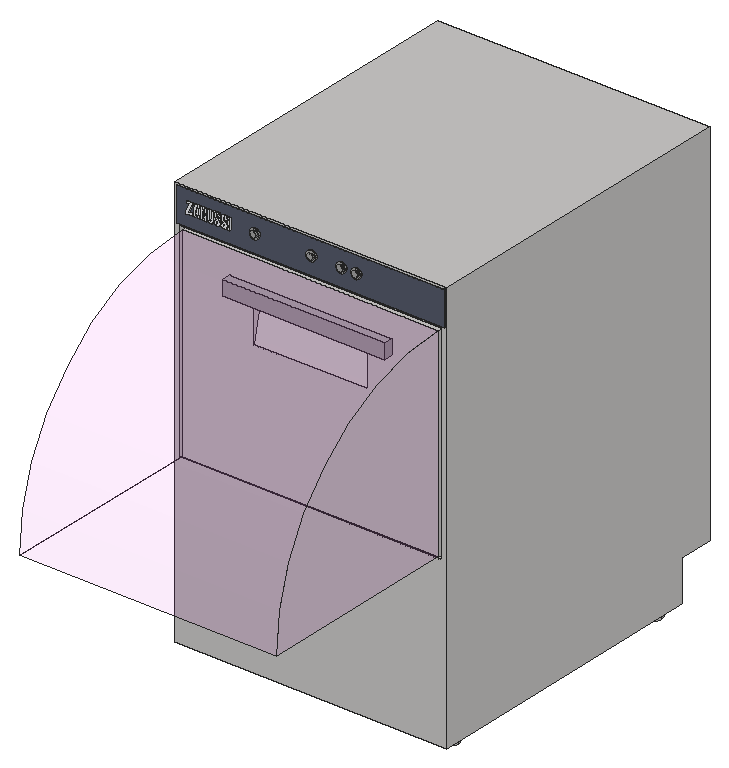
Revit family "QF_ZANUSSI_402297_ZSG6", category Attrezzature speciali, Revit 2020
Family settings
  Quota connettore circolare = Usa diametro
  Tipo di parte = Normale
  Basato su piano di lavoro = No
  Sempre verticale = Sì
  Taglio con vuoti quando caricato = No
  Condiviso = Sì
  Punto di calcolo locali = No
Parameters (values of type "Standard")
  Weight = 83.7757 lbm
  Watts = 2700 W
  Volts = 220 V
  URL Manufacturer = "http://www.zanussiprofessional.com"
  URL = "http://www.zanussiprofessional.com"
  Steam Supply Size = 0"
  Steam Supply Minimum Pressure = 0.00 psi
  Steam Supply Maximum Pressure = 0.00 psi
  Steam Consumption per Hour = 0
  Show Logo [instance] = yes
  Show Clearance [instance] = yes
  Refrigeration Suction Line Size = 0 mm
  Refrigeration Liquid Line Size = 0 mm
  Refrigerant Compressor Remote = yes
  Prospetto di default = 0 mm
  Produttore = "Zanussi"
  Phase = 1
  Modello = "ZSG6"
  Length Actual = 455 mm  # constant formula
  Item Number = "402297"
  Hot Water Size = 0"
  Height Actual = 700 mm  # constant formula
  HP = "3.6 HP"
  Gas Size = 0"
  Gas KW = 0
  Gas Input Pressure = 0.0 Btu/h
  Direct Waste Size = 1.14173"
  Descrizione = "GLASSWASHER(S) SINGLE SKIN, DRAIN PUMP, DETERGENT DISPENSER, 60HZ, 30B/H"
  Depth Actual = 550 mm  # constant formula
  Cycle = 60 Hz
  Condensate Return Size = 0"
  Compressed Air Volume = 0 GPM
  Compressed Air Size = 0"
  Compressed Air Pressure = 0.00 psi
  Cold Water Size = 3/4"
  Accessory = yes
Reference planes
  plane 1 "BACK": y = 0
  plane 2: z = 0
  plane 3 "LEFT": x = 0
  plane 4 "RIGHT": x = 455
  plane 5 "FRONT": y = -550
  plane 6 "TOP": z = 700
  plane 7: z = 80
Forms (mm)
  Extrusion 1, solid, material "QF_Finishes_Stainless Steel"
    sketch origin (572.404, -56, 162.714) x (1, 0, 0) y (0, 0, 1)
      loop
        line (-392.404, -132.714) -> (-392.404, -152.714) -> (-372.404, -152.714) -> (-372.404, -132.714) -> (-392.404, -132.714)
    from 0 to 2
  Extrusion 2, solid, material "QF_Finishes_Stainless Steel"
    sketch origin (492.814, -53, 212.692) x (1, 0, 0) y (0, 0, 1)
      loop
        circle (-372.814, -140.692) r 8
    from 0 to 5
  Extrusion 3, solid, material "QF_Finishes_Stainless Steel"
    sketch origin (0, 0, 0) x (0, 1, 0) y (0, 0, 1)
      loop
        line (0, 700) -> (-550, 700) -> (-550, 10) -> (-58, 10) -> (-58, 80) -> (0, 80) -> (0, 700)
    from 0 to 455
  Extrusion 4, void
    sketch origin (0, 0, 0) x (0, 1, 0) y (0, 0, 1)
      loop
        line (-520, 637) -> (-550, 637) -> (-550, 290) -> (-520, 290) -> (-520, 637)
    from 7.744 to 447.027
  Extrusion 5, solid, material "QF_Finishes_Stainless Steel"
    sketch origin (0, 0, 0) x (0, 1, 0) y (0, 0, 1)
      loop
        line (-525, 632) -> (-550, 632) -> (-550, 292) -> (-525, 292) -> (-525, 632)
    from 12.721 to 442.431
  Extrusion 6, void
    sketch origin (-10.963, 0, 0) x (0, 1, 0) y (0, 0, 1)
      loop
        line (-550, 567) -> (-550, 502) -> (-535, 567) -> (-550, 567)
    from 143.538 to 333.389
  Extrusion 7, solid, material "QF_Finishes_Gray"
    sketch origin (92.495, 0, 0) x (0, 1, 0) y (0, 0, 1)
      loop
        line (-550, 567) -> (-550, 592) -> (-565, 592) -> (-565, 567) -> (-550, 567)
    from 0 to 270.01
  Extrusion 8, solid, material "QF_Finishes_Navy Blue"
    sketch origin (0, 0, 0) x (0, 1, 0) y (0, 0, 1)
      loop
        line (-550, 640) -> (-550, 697) -> (-550.8, 697) -> (-550.8, 640) -> (-550, 640)
    from 3.223 to 451.973
  Revolve 9, solid, material "QF_Finishes_Door Clearance", visible <- "Show Clearance"
    sketch origin (0, -550, 0) x (1, 0, 0) y (0, 0, 1)
      loop
        line (12.721, 632) -> (12.721, 292) -> (442.431, 292) -> (442.431, 632) -> (12.721, 632)
      axis (442.431, 292) -> (12.721, 292)
    angle from 0 to -90
  Extrusion 10, solid, material "QF_Finishes_Stainless Steel"
    sketch origin (603.814, -53, 212.692) x (1, 0, 0) y (0, 0, 1)
      loop
        circle (-372.814, -140.692) r 8
    from 0 to 5
Cuts and joins
  Extrusion 4, Extrusion 6 cuts Extrusion 3
  Extrusion 6 cuts Extrusion 5
Dimensions and locks
  plane 1 "BACK" to plane 5 "FRONT" = 550 mm
  plane 4 "RIGHT" to plane 3 "LEFT" = 455 mm
  plane 6 "TOP" to level = 700 mm
  plane 3 "LEFT" to plane 4 "RIGHT" = 455 mm
  plane 5 "FRONT" to plane 1 "BACK" = 550 mm
  plane 6 "TOP" to plane 2 = 700 mm
  plane 7 to plane 2 = 80 mm
  cut or joined group of Extrusion 3, Extrusion 4, Extrusion 6 to Revolve 9 = 890 mm
  aligned and locked: level to plane 2
Nested families
  nested 1: "Piedino 10x12.5 mm - DISHWASHING" at (435.5, -517, 0), type "Piedino 10x12.5 mm - DISHWASHING"
  nested 2: "Piedino 10x12.5 mm - DISHWASHING" at (19.5, -517, 0) x (-1, 0, 0) z (0, 0, 1), type "Piedino 10x12.5 mm - DISHWASHING"
  nested 3: "Piedino 10x12.5 mm - DISHWASHING" at (435.5, -91, 0), type "Piedino 10x12.5 mm - DISHWASHING"
  nested 4: "Piedino 10x12.5 mm - DISHWASHING" at (19.5, -91, 0) x (-1, 0, 0) z (0, 0, 1), type "Piedino 10x12.5 mm - DISHWASHING"
  nested 5: "ZANUSSI_Logo - WHITE" at (62.415, -550.8, 719) x (1, 0, 0) z (0, -1, 0), Show Logo <- "Show Logo", visible <- "Show Logo", type "ZANUSSI_Logo - WHITE"
    with Show Logo yes
  nested 6: "Bottone grigio DISHWASHING" at (135, -550.8, 670) x (1, 0, 0) z (0, -1, 0), type "Bottone grigio DISHWASHING"
  nested 7: "Bottone grigio DISHWASHING" at (230, -550.8, 670) x (1, 0, 0) z (0, -1, 0), type "Bottone grigio DISHWASHING"
  nested 8: "Bottone grigio DISHWASHING" at (280, -550.8, 670) x (1, 0, 0) z (0, -1, 0), type "Bottone grigio DISHWASHING"
  nested 9: "Bottone grigio DISHWASHING" at (305, -550.8, 670) x (1, 0, 0) z (0, -1, 0), type "Bottone grigio DISHWASHING"
Connectors
  electrical at (190, -56, 20)
    settings: on Extrusion 1, index 3, voltage 0 V, apparent load 0 VA, apparent load phase1 0 VA, apparent load phase2 0 VA, apparent load phase3 0 VA, power factor 1, load classification "Altro", number of poles 1, system type 30, power factor state 1, is connector primary yes, connector utility no, sub classification motor no, connector description "EI"
  piping at (120, -53, 72), diameter 12.7
    settings: on Extrusion 2, index 4, connector inside diameter 24", connector length 0 mm, flow factor 0, pipe flow 0 GPM, pressure drop 0.00 psi, fitting loss kfactor 0, connector angle 0.00°, fixture units 0, engagement length 0 mm, angle of deflection 0.00°, flow configuration 0, flow direction 0, fitting loss method 0, system type 29, joint type 0, gender type 0, connector reference index -1, connector utility 0, adjustable connector no, is connector primary yes, connector description "WI"
  piping at (231, -53, 72), diameter 12.7
    settings: on Extrusion 10, index 5, connector inside diameter 24", connector length 0 mm, flow factor 0, pipe flow 0 GPM, pressure drop 0.00 psi, fitting loss kfactor 0, connector angle 0.00°, fixture units 0, engagement length 0 mm, angle of deflection 0.00°, flow configuration 0, flow direction 0, fitting loss method 0, system type 29, joint type 0, gender type 0, connector reference index -1, connector utility 0, adjustable connector no, is connector primary no, connector description "D"
Definition of nested family "Piedino 10x12.5 mm - DISHWASHING"
  Parameters (values of type "Piedino 10x12.5 mm - DISHWASHING")
    Default Elevation = 0 mm
    P = 930 mm
    L = 400 mm
    H = 290 mm
  Reference planes
    plane 1: y = 0
    plane 2: z = 0
    plane 3: x = 0
    plane 4: z = 290
    plane 5: z = 24
    plane 6: z = 55
  Forms (mm)
    Extrusion 1, solid
      sketch origin (-373.847, 979.72, 0) x (1, 0, 0) y (0, 1, 0)
        loop
          circle (373.847, -979.72) r 12.5
      from 0 to 10
  Dimensions and locks
    "H": plane 4 to level
    plane 4 to plane 5 to level = 266 mm, 24 mm
    level to plane 6 = 55 mm
    aligned and locked: level to plane 2
  Automatic sketch dimensions
    plane 3 to Extrusion 1 sketch curve = 0 mm
    plane 1 to Extrusion 1 sketch curve = 0 mm
    radius of Extrusion 1 sketch curve = 12.5 mm
Definition of nested family "ZANUSSI_Logo - WHITE"
  Parameters (values of type "ZANUSSI_Logo - WHITE")
    Show Logo [instance] = yes
    Default Elevation = 1219.2 mm
  Reference planes
    plane 1 "Center (Front/Back)": y = -49
    plane 2: z = 0
    plane 3 "Center (Left/Right)": x = -9.92
  Forms (mm)
    Extrusion 1, solid
      sketch origin (0, 0, 0) x (1, 0, 0) y (0, 1, 0)
        loop
          line (-1219.2, 1219.2) -> (-1219.2, -1219.2) -> (1219.2, -1219.2) -> (1219.2, 1219.2) -> (-1219.2, 1219.2)
      from 0 to -304.8
    Extrusion 2, solid, visible <- "Show Logo"
      sketch origin (106.353, -215.165, -50) x (1, 0, 0) y (0, 1, 0)
        loop
          line (-137.419, 156.48) -> (-137.419, 160.444) -> (-143.365, 160.444) -> (-137.419, 172.566) -> (-137.419, 175.851) -> (-147.274, 175.851) -> (-147.274, 172.226) -> (-142.063, 172.339) -> (-147.728, 160.444) -> (-147.728, 156.48) -> (-137.419, 156.48)
        loop
          line (-131.729, 163.73) -> (-129.463, 163.73) -> (-130.596, 172.54) -> (-131.729, 163.73)
        loop
          line (-132.748, 156.48) -> (-132.182, 160.218) -> (-128.897, 160.218) -> (-128.33, 156.48) -> (-124.252, 156.48) -> (-127.877, 175.851) -> (-133.315, 175.851) -> (-136.826, 156.48) -> (-132.748, 156.48)
        loop
          line (-123.75, 175.851) -> (-123.75, 156.48) -> (-120.238, 156.48) -> (-120.238, 169.281) -> (-116.953, 156.48) -> (-112.648, 156.48) -> (-112.648, 175.851) -> (-116.273, 175.851) -> (-116.273, 163.503) -> (-119.558, 175.851) -> (-123.75, 175.851)
        loop
          arc (-111.742, 161.27) -> (-106.896, 156.448) -> (-101.433, 160.558) r 5.22
          line (-101.433, 160.558) -> (-101.433, 175.851) -> (-105.398, 175.851) -> (-105.398, 161.464)
          arc (-105.398, 161.464) -> (-106.44, 160.263) -> (-107.777, 161.124) r 1.214
          line (-107.777, 161.124) -> (-107.777, 175.851) -> (-111.742, 175.851) -> (-111.742, 161.27)
        loop
          line (-94.069, 169.734) -> (-90.331, 169.734) -> (-90.269, 171.495)
          arc (-90.269, 171.495) -> (-90.53, 173.458) -> (-91.761, 175.009) r 3.719
          arc (-91.761, 175.009) -> (-95.38, 176.189) -> (-98.998, 175.009) r 6.139
          arc (-98.998, 175.009) -> (-100.474, 172.145) -> (-100.291, 168.927) r 6.125
          arc (-100.291, 168.927) -> (-99.079, 167.149) -> (-97.591, 165.594) r 13.068
          line (-97.591, 165.594) -> (-95.921, 164.113)
          arc (-95.921, 164.113) -> (-94.934, 163.275) -> (-94.167, 162.233) r 5.571
          arc (-94.167, 162.233) -> (-94.357, 160.41) -> (-96.143, 160.003) r 1.573
          arc (-96.143, 160.003) -> (-96.681, 160.547) -> (-96.911, 161.277) r 1.631
          arc (-96.911, 161.277) -> (-96.929, 161.791) -> (-96.911, 162.305) r 7.441
          arc (-96.911, 162.305) -> (-96.895, 162.791) -> (-96.911, 163.277) r 7.03
          line (-96.911, 163.277) -> (-100.866, 163.277)
          arc (-100.866, 163.277) -> (-100.828, 160.504) -> (-99.735, 157.955) r 7.131
          arc (-99.735, 157.955) -> (-94.571, 156.484) -> (-90.221, 159.633) r 6.148
          arc (-90.221, 159.633) -> (-90.141, 162.884) -> (-91.536, 165.823) r 7.021
          line (-91.536, 165.823) -> (-95.882, 169.734)
          arc (-95.882, 169.734) -> (-96.47, 170.472) -> (-96.785, 171.362) r 2.858
          arc (-96.785, 171.362) -> (-95.666, 172.959) -> (-94.069, 171.84) r 1.379
          line (-94.069, 171.84) -> (-94.069, 169.734)
        loop
          line (-82.771, 169.734) -> (-79.033, 169.734) -> (-78.971, 171.495)
          arc (-78.971, 171.495) -> (-79.232, 173.458) -> (-80.463, 175.009) r 3.719
          arc (-80.463, 175.009) -> (-84.081, 176.189) -> (-87.7, 175.009) r 6.139
          arc (-87.7, 175.009) -> (-89.175, 172.145) -> (-88.993, 168.927) r 6.125
          arc (-88.993, 168.927) -> (-87.781, 167.149) -> (-86.293, 165.594) r 13.068
          line (-86.293, 165.594) -> (-84.623, 164.113)
          arc (-84.623, 164.113) -> (-83.636, 163.275) -> (-82.869, 162.233) r 5.571
          arc (-82.869, 162.233) -> (-83.059, 160.41) -> (-84.845, 160.003) r 1.573
          arc (-84.845, 160.003) -> (-85.383, 160.547) -> (-85.613, 161.277) r 1.631
          arc (-85.613, 161.277) -> (-85.631, 161.791) -> (-85.613, 162.305) r 7.441
          arc (-85.613, 162.305) -> (-85.596, 162.791) -> (-85.613, 163.277) r 7.03
          line (-85.613, 163.277) -> (-89.568, 163.277)
          arc (-89.568, 163.277) -> (-89.53, 160.504) -> (-88.437, 157.955) r 7.131
          arc (-88.437, 157.955) -> (-83.272, 156.484) -> (-78.922, 159.633) r 6.148
          arc (-78.922, 159.633) -> (-78.843, 162.884) -> (-80.238, 165.823) r 7.021
          line (-80.238, 165.823) -> (-84.584, 169.734)
          arc (-84.584, 169.734) -> (-85.171, 170.472) -> (-85.486, 171.362) r 2.858
          arc (-85.486, 171.362) -> (-84.368, 172.959) -> (-82.771, 171.84) r 1.379
          line (-82.771, 171.84) -> (-82.771, 169.734)
        loop
          line (-78.21, 175.851) -> (-78.21, 156.48) -> (-74.245, 156.48) -> (-74.245, 175.851) -> (-78.21, 175.851)
      from 50 to 51.6
  Dimensions and locks
    aligned and locked: plane 2 to Extrusion 1
    aligned and locked: level to Extrusion 1
Definition of nested family "Bottone grigio DISHWASHING"
  Parameters (values of type "Bottone grigio DISHWASHING")
    Default Elevation = 1219.2 mm
  Reference planes
    plane 1 "Centro (Fronte/Retro)": y = 0
    plane 2: z = 0
    plane 3 "Centro (Sinistra/Destra)": x = 0
  Forms (mm)
    Extrusion 1, solid
      sketch origin (0, 0, 0) x (1, 0, 0) y (0, 1, 0)
        loop
          line (-1219.2, 1219.2) -> (-1219.2, -1219.2) -> (1219.2, -1219.2) -> (1219.2, 1219.2) -> (-1219.2, 1219.2)
      from 0 to -304.8
    Extrusion 2, solid
      sketch origin (0, 0, 0) x (1, 0, 0) y (0, 1, 0)
        loop
          circle (0, 0) r 8
        loop
          circle (0, 0) r 5
      from 0 to 2
    Extrusion 3, solid
      sketch origin (0, 0, 0) x (1, 0, 0) y (0, 1, 0)
        loop
          circle (0, 0) r 4.9
      from 0 to 4
  Dimensions and locks
    aligned and locked: plane 2 to Extrusion 1
    aligned and locked: level to Extrusion 1
